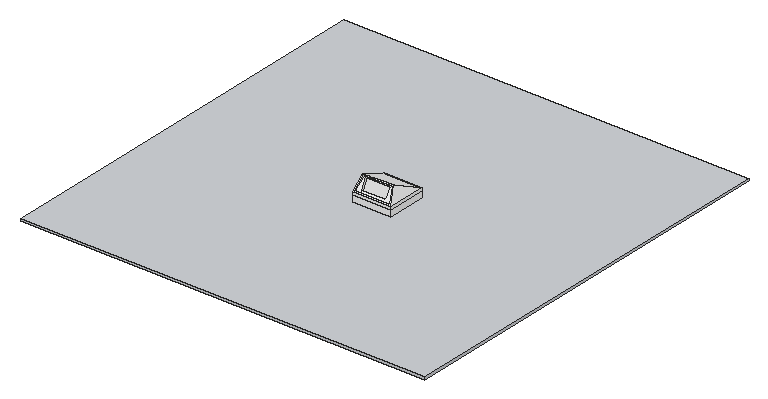
Revit family "Zumtobel RESCLITE PROtect MSW", category Lighting Fixtures, host Face, Revit 2016
Family settings
  Host = Face
  Part Type = Normal
  Round Connector Dimension = Use Diameter
  OmniClass Number = 23.80.70.11
  OmniClass Title = Luminaries for Internal Lighting
  Cut with Voids When Loaded = No
  Light Source = Yes
  Shared = No
  Room Calculation Point = No
Parameters (values of type "RESCLITE PROtect MSW ANT ECC WH")
  Width = 190 mm  # constant formula
  Wattage Comments = ""
  Wattage = 2.15427 W
  built-in parameter 1150110 = 1 (stored number, unit not read)
  Voltage = 230 V
  URL = "http://www.zumtobel.com/42186582"
  Type Comments = "© Zumtobel. We reserve the right to make technical changes without prior notice."  # constant formula
  built-in parameter 1114217 = 1 (stored number, unit not read)
  Tilt Angle = -90.00°
  built-in parameter 1150109 = 1 (stored number, unit not read)
  built-in parameter 1150134 = 1
  built-in parameter 1150113 = 1 (stored number, unit not read)
  Reflector = Zumtobel_Cover_Self_llumination_Opaque
  Photometric Web File = "42186582_(STD_LEO).IES"
  Model = "42186582"
  Manufacturer = "Zumtobel Lighting"  # constant formula
  built-in parameter 1150105 = 25.465 (stored number, unit not read)
  Lumens = 320 lm
  built-in parameter 1150115 = 1 (stored number, unit not read)
  built-in parameter 1150137 = (empty or 0)
  built-in parameter 1150139 = (empty or 0)
  Length = 190 mm  # constant formula
  built-in parameter 1150112 = 1 (stored number, unit not read)
  built-in parameter 1150114 = 1 (stored number, unit not read)
  Lamp = "LED"
  built-in parameter 1150132 = 2
  built-in parameter 1150102 = (empty or 0)
  built-in parameter 1150107 = 6500 (stored number, unit not read)
  built-in parameter 1150138 = (empty or 0)
  built-in parameter 1150106 = 0.25465 (stored number, unit not read)
  Height = 115 mm  # constant formula
  Emit from Rectangle Width = 54.7 mm  # constant formula
  built-in parameter 1150128 = 120 mm  # constant formula
  Emit Shape Visible in Rendering = no
  built-in parameter 1150104 = 13.8 (stored number, unit not read)
  Dimming Lamp Color Temperature Shift = <None>
  Description = "LED luminaires"  # constant formula
  Default Elevation = 0 mm
  Color Filter = 16777215
  built-in parameter 1114218 = 1 (stored number, unit not read)
  Emit from Rectangle Length = 3048 mm
  Body = Zumtobel_Metal_White
  Assembly Code = "D5020200"
  Apparent Load = 8 VA
Reference planes
  plane 1 "Center (Front/Back)": y = 0
  plane 2 "Top": z = 0
  plane 3 "Center (Left/Right)": x = 399.5
  plane 4: y = -55
  plane 5: through (0, -64.614, 77.561) normal (0, 0.4908, 0.8712)
Forms (mm)
  Extrusion 1, solid
    sketch origin (116.179, 575, 0) x (1, 0, 0) y (0, 1, 0)
      loop
        line (-731.679, 425) -> (-731.679, -1575) -> (1268.321, -1575) -> (1268.321, 425) -> (-731.679, 425)
    from 0 to -10
  Extrusion 2, solid, material "Zumtobel_Metal_White" <- "Body"
    sketch origin (0, 0, 0) x (1, 0, 0) y (0, 1, 0)
      loop
        line (304.5, -95) -> (494.5, -95) -> (494.5, 95) -> (304.5, 95) -> (304.5, -95)
    from 0 to 30
  Blend 3, solid, material "Zumtobel_Metal_White" <- "Body"
    base sketch origin (0, 0, 17) x (-1, 0, 0) y (0, -1, 0)
      loop
        line (-304.5, -95) -> (-304.5, 95) -> (-494.5, 95) -> (-494.5, -95) -> (-304.5, -95)
    top sketch origin (0, 0, 17) x (-1, 0, 0) y (0, -1, 0)
      loop
        line (-304.5, -95) -> (-304.5, 55) -> (-494.5, 55) -> (-494.5, -95) -> (-304.5, -95)
    from 27 to 98
  Extrusion 4, void
    sketch origin (399.5, 0, 0) x (0, 0, -1) y (0, -1, 0)
      loop
        line (-44, -95) -> (-115, 55) -> (-115, -95) -> (-44, -95)
    from 95 to -95
  Extrusion 5, void
    sketch origin (399.5, -95, 44) x (1, 0, 0) y (0, 0.490844, 0.871248)
      loop
        line (60, 71.492) -> (-60, 71.492) -> (-60, 16.817) -> (60, 16.817) -> (60, 71.492)
    from -5 to -10
  Extrusion 6, void
    sketch origin (399.5, -95, 44) x (1, 0, 0) y (0, 0.490844, 0.871248)
      loop
        line (71.079, 76.492) -> (-71.079, 76.492) -> (-88.625, 5) -> (88.625, 5) -> (71.079, 76.492)
    from 0 to -5
  Extrusion 7, void
    sketch origin (0, 0, 0) x (1, 0, 0) y (0, 0, 1)
      loop
        line (304.5, 44) -> (324.5, 115) -> (304.5, 115) -> (304.5, 44)
      loop
        line (494.5, 44) -> (494.5, 115) -> (474.5, 115) -> (494.5, 44)
    from 95 to -95
  Extrusion 8, solid, material "Zumtobel_Metal_White" <- "Body"
    sketch origin (0, 0, 30) x (1, 0, 0) y (0, 1, 0)
      loop
        line (304.5, -95) -> (494.5, -95) -> (494.5, 95) -> (304.5, 95) -> (304.5, -95)
    from 0 to 14
Cuts and joins
  Extrusion 4, Extrusion 5, Extrusion 6, Extrusion 7 cuts Blend 3
Dimensions and locks
  aligned and locked: plane 2 "Top" to Extrusion 1
  aligned and locked: level to Extrusion 1
Connectors
  electrical at (399.5, 0, 0), driven by "Voltage", driven by "Apparent Load"
    settings: on Extrusion 2, index 1, voltage 230 V, apparent load 8 VA, apparent load phase1 0 VA, apparent load phase2 0 VA, apparent load phase3 0 VA, power factor 1, load classification "Lighting", number of poles 1, system type 30, power factor state 1, is connector primary yes, connector utility no, sub classification motor no, connector description "Power"
